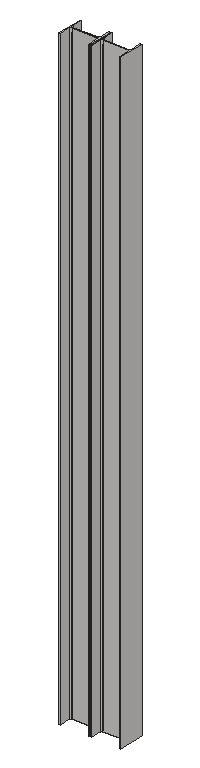
Revit family "Pilar_Met_Dup_Dir", category Structural Columns, Revit 2020
Family settings
  Section Shape = Not Defined
  Material for Model Behavior = Other
  Always export as geometry = No
  Beam cutback in plan = From bounding box
  OmniClass Number = 23.25.30.11.14.11
  OmniClass Title = Columns
  Cut with Voids When Loaded = No
  Symbolic Representation = From Family
  Shared = No
  Show family pre-cut in plan views = Yes
Parameters
  Material_Estrutura_Metalica = Aço, 45-345
  Depth = 500 mm
  Width = 500 mm
Reference planes
  plane 1 "Center (Front/Back)": y = 0
  plane 2: z = 0
  plane 3 "Center (Left/Right)": x = 0
Dimensions and locks
  aligned and locked: level to plane 2
  aligned and locked: nested 1 to level  (x3)
  aligned and locked: level to nested 1
  aligned and locked: nested 2 to level  (x3)
  aligned and locked: level to nested 2
  aligned and locked: nested 2 to nested 1
Nested families
  nested 1: "Pilares W Gerdau" at (301.5, 0, 0) x (0, -1, 0) z (0, 0, 1), Structural Material <- "Material_Estrutura_Metalica", type "W610X217"
    with pm 217, built-in parameter 1005500 Aço, 45-345, pt 868000 mm, compr 4000 mm, Comprimento 4000 mm
  nested 2: "Pilares W Gerdau" at (100.5, 0, 0) x (0, -1, 0) z (0, 0, 1), Structural Material <- "Material_Estrutura_Metalica", type "W610X217"
    with pm 217, built-in parameter 1005500 Aço, 45-345, pt 868000 mm, compr 4000 mm, Comprimento 4000 mm
Definition of nested family "Pilares W Gerdau"
  Parameters (values of type "W200X35.9")
    tipo = "200x35.9"
    tip_secao = "W"
    tag = ""
    pt [instance] = compr * pm  # 89750 mm
    pm [instance] = Peso Nominal  # 35.9
    nome = "W200x35.9"
    material = "AÇO ASTM A572 - GR50"
    compr [instance] = Comprimento  # 2500 mm
    Peso Nominal = 35.9
    Width = 165 mm
    Web Thickness = 6.22 mm
    Web Fillet = 10 mm
    Warping Constant = 0.0000868 (stored number, unit not read)
    Torsional Moment of Inertia = 14.4 cm⁴
    Structural Material [instance] = none
    Comprimento [instance] = 2500 mm
    Section Name Key = "W8x24"
    Section Area = 45.7 cm²
    Plastic Modulus weak axis = 140 cm³
    Plastic Modulus strong axis = 379 cm³
    Perimeter = 3.3793 (stored number, unit not read)
    Nominal Weight = 352.06 N/m
    Moment of Inertia weak axis = 762 cm⁴
    Moment of Inertia strong axis = 3440 cm⁴
    Height = 201 mm
    Flange Thickness = 10.2 mm
    Elastic Modulus weak axis = 92.3 cm³
    Elastic Modulus strong axis = 342 cm³
    Centroid Vertical = Height / 2  # 100.5 mm
    Centroid Horizontal = Width / 2  # 82.5 mm
    Assembly Code = ""
  Types (102, lengths in mm): name | tipo | pt | pm | nome | Peso Nominal | Width | Web Thickness | Web Fillet | Warping Constant | Torsional Moment of Inertia | Section Name Key | Section Area | Plastic Modulus weak axis | Plastic Modulus strong axis | Perimeter | Nominal Weight | Moment of Inertia weak axis | Moment of Inertia strong axis | Height | Flange Thickness | Elastic Modulus weak axis | Elastic Modulus strong axis | Centroid Vertical | Centroid Horizontal
    W200X35.9 | "200x35.9" | 89750 | 35.9 | "W200x35.9" | 35.9 | 165 | 6.22 | 10 | 0.0000868 (stored number, unit not read) | 14.4 cm⁴ | "W8x24" | 45.7 cm² | 140 cm³ | 379 cm³ | 3.3793 (stored number, unit not read) | 352.06 N/m | 762 cm⁴ | 3440 cm⁴ | 201 | 10.2 | 92.3 cm³ | 342 cm³ | 100.5 | 82.5
    W610X82 | "610x82" | 205000 | 82 | "W610x82" | 82 | 178 | 10 | 12.9 | 0.001297 (stored number, unit not read) | 49.1 cm⁴ | "W24x55" | 105.0 cm² | 218 cm³ | 2200 cm³ | 6.1352 (stored number, unit not read) | 804.14 N/m | 1210 cm⁴ | 56200 cm⁴ | 599 | 12.8 | 136 cm³ | 1870 cm³ | 299.5 | 89
    W610X92 | "610x92" | 230000 | 92 | "W610x92" | 92 | 179 | 10.9 | 12.7 | 0.0015464 (stored number, unit not read) | 71.2 cm⁴ | "W24x62" | 117.0 cm² | 257 cm³ | 2510 cm³ | 6.1352 (stored number, unit not read) | 902.21 N/m | 1440 cm⁴ | 64500 cm⁴ | 602 | 15 | 161 cm³ | 2150 cm³ | 301 | 89.5
    W610X101 | "610x101" | 252500 | 101 | "W610x101" | 101 | 228 | 10.5 | 12.8 | 0.0031552 (stored number, unit not read) | 77.8 cm⁴ | "W24x68" | 130.0 cm² | 401 cm³ | 2900 cm³ | 6.7913 (stored number, unit not read) | 990.47 N/m | 2930 cm⁴ | 76200 cm⁴ | 602 | 14.9 | 257 cm³ | 2520 cm³ | 301 | 114
    W610X113 | "610x113" | 282500 | 113 | "W610x113" | 113 | 228 | 11.2 | 12.7 | 0.0037164 (stored number, unit not read) | 112 cm⁴ | "W24x76" | 145.0 cm² | 469 cm³ | 3280 cm³ | 6.8241 (stored number, unit not read) | 1108.1 N/m | 3430 cm⁴ | 87400 cm⁴ | 607 | 17.3 | 302 cm³ | 2880 cm³ | 303.5 | 114
    W610X125 | "610x125" | 312500 | 125 | "W610x125" | 125 | 229 | 11.9 | 12.7 | 0.0042901 (stored number, unit not read) | 154 cm⁴ | "W24x84" | 159.0 cm² | 534 cm³ | 3670 cm³ | 6.8898 (stored number, unit not read) | 1225.8 N/m | 3930 cm⁴ | 98600 cm⁴ | 612 | 19.6 | 342 cm³ | 3210 cm³ | 306 | 114.5
    W610X140 | "610x140" | 350000 | 140 | "W610x140" | 140 | 230 | 13.1 | 12.9 | 0.0050259 (stored number, unit not read) | 219 cm⁴ | "W24x94" | 179.0 cm² | 615 cm³ | 4160 cm³ | 6.9226 (stored number, unit not read) | 1372.9 N/m | 4540 cm⁴ | 112000 cm⁴ | 617 | 22.2 | 393 cm³ | 3640 cm³ | 308.5 | 115
    W610X153 | "610x153" | 382500 | 153 | "W610x153" | 153 | 229 | 14 | 12.7 | 0.0055622 (stored number, unit not read) | 294 cm⁴ | "W24x103" | 195.0 cm² | 680 cm³ | 4590 cm³ | 6.9226 (stored number, unit not read) | 1500.4 N/m | 4950 cm⁴ | 125000 cm⁴ | 622 | 24.9 | 434 cm³ | 4010 cm³ | 311 | 114.5
    W610X155 | "610x155" | 387500 | 155 | "W610x155" | 155 | 325 | 12.7 | 12.7 | 0.011785 (stored number, unit not read) | 196 cm⁴ | "W24x104" | 198.0 cm² | 1020 cm³ | 4740 cm³ | 8.1365 (stored number, unit not read) | 1520 N/m | 10800 cm⁴ | 129000 cm⁴ | 612 | 19.1 | 667 cm³ | 4230 cm³ | 306 | 162.5
    W610X174 | "610x174" | 435000 | 174 | "W610x174" | 174 | 325 | 14 | 12.7 | 0.013718 (stored number, unit not read) | 280 cm⁴ | "W24x117" | 222.0 cm² | 1170 cm³ | 5360 cm³ | 8.1365 (stored number, unit not read) | 1706.4 N/m | 12400 cm⁴ | 147000 cm⁴ | 617 | 21.6 | 762 cm³ | 4770 cm³ | 308.5 | 162.5
    W610X195 | "610x195" | 487500 | 195 | "W610x195" | 195 | 328 | 15.4 | 12.7 | 0.015714 (stored number, unit not read) | 395 cm⁴ | "W24x131" | 249.0 cm² | 1340 cm³ | 6060 cm³ | 8.2021 (stored number, unit not read) | 1912.3 N/m | 14200 cm⁴ | 167000 cm⁴ | 622 | 24.4 | 869 cm³ | 5390 cm³ | 311 | 164
    W610X217 | "610x217" | 542500 | 217 | "W610x217" | 217 | 328 | 16.5 | 12.7 | 0.018333 (stored number, unit not read) | 558 cm⁴ | "W24x146" | 277.0 cm² | 1530 cm³ | 6850 cm³ | 8.2349 (stored number, unit not read) | 2128 N/m | 16300 cm⁴ | 191000 cm⁴ | 627 | 27.7 | 991 cm³ | 6080 cm³ | 313.5 | 164
    W530X66 | "530x66" | 165000 | 66 | "W530x66" | 66 | 165 | 8.89 | 12.7 | 0.00070712 (stored number, unit not read) | 32 cm⁴ | "W21x44" | 83.9 cm² | 167 cm³ | 1560 cm³ | 5.479 (stored number, unit not read) | 647.24 N/m | 862 cm⁴ | 35100 cm⁴ | 526 | 11.4 | 104 cm³ | 1340 cm³ | 263 | 82.5
    W530X72 | "530x72" | 180000 | 72 | "W530x72" | 72 | 207 | 8.89 | 12.7 | 0.001322 (stored number, unit not read) | 33.4 cm⁴ | "W21x48" | 91.0 cm² | 244 cm³ | 1750 cm³ | 6.0039 (stored number, unit not read) | 706.08 N/m | 1610 cm⁴ | 39900 cm⁴ | 523 | 10.9 | 156 cm³ | 1520 cm³ | 261.5 | 103.5
    W530X74 | "530x74" | 185000 | 74 | "W530x74" | 74 | 166 | 9.65 | 12.8 | 0.00086052 (stored number, unit not read) | 47.5 cm⁴ | "W21x50" | 94.8 cm² | 200 cm³ | 1800 cm³ | 5.5118 (stored number, unit not read) | 725.69 N/m | 1040 cm⁴ | 41000 cm⁴ | 528 | 13.6 | 125 cm³ | 1550 cm³ | 264 | 83
    W530X82 | "530x82" | 205000 | 82 | "W530x82" | 82 | 209 | 9.53 | 12.6 | 0.0016711 (stored number, unit not read) | 51.6 cm⁴ | "W21x55" | 105.0 cm² | 302 cm³ | 2060 cm³ | 6.0696 (stored number, unit not read) | 804.14 N/m | 2010 cm⁴ | 47500 cm⁴ | 528 | 13.3 | 193 cm³ | 1800 cm³ | 264 | 104.5
    W530X85 | "530x85" | 212500 | 85 | "W530x85" | 85 | 167 | 10.3 | 12.7 | 0.0010688 (stored number, unit not read) | 73.7 cm⁴ | "W21x57" | 108.0 cm² | 243 cm³ | 2110 cm³ | 5.5774 (stored number, unit not read) | 833.56 N/m | 1270 cm⁴ | 48700 cm⁴ | 536 | 16.5 | 153 cm³ | 1820 cm³ | 268 | 83.5
    W530X92 | "530x92" | 230000 | 92 | "W530x92" | 92 | 209 | 10.2 | 12.8 | 0.0019954 (stored number, unit not read) | 76.2 cm⁴ | "W21x62" | 118.0 cm² | 356 cm³ | 2360 cm³ | 6.1024 (stored number, unit not read) | 902.21 N/m | 2390 cm⁴ | 55400 cm⁴ | 533 | 15.6 | 229 cm³ | 2080 cm³ | 266.5 | 104.5
    W530X101 | "530x101" | 252500 | 101 | "W530x101" | 101 | 210 | 10.9 | 12.8 | 0.0022698 (stored number, unit not read) | 102 cm⁴ | "W21x68" | 129.0 cm² | 400 cm³ | 2620 cm³ | 6.1352 (stored number, unit not read) | 990.47 N/m | 2690 cm⁴ | 61600 cm⁴ | 536 | 17.4 | 257 cm³ | 2290 cm³ | 268 | 105
    W530X109 | "530x109" | 272500 | 109 | "W530x109" | 109 | 211 | 11.6 | 12.7 | 0.0024818 (stored number, unit not read) | 126 cm⁴ | "W21x73" | 139.0 cm² | 436 cm³ | 2820 cm³ | 6.1352 (stored number, unit not read) | 1068.9 N/m | 2940 cm⁴ | 66600 cm⁴ | 538 | 18.8 | 279 cm³ | 2470 cm³ | 269 | 105.5
    W530X123 | "530x123" | 307500 | 123 | "W530x123" | 123 | 212 | 13.1 | 12.8 | 0.0028933 (stored number, unit not read) | 181 cm⁴ | "W21x83" | 157.0 cm² | 500 cm³ | 3210 cm³ | 6.2008 (stored number, unit not read) | 1206.2 N/m | 3390 cm⁴ | 76200 cm⁴ | 544 | 21.2 | 320 cm³ | 2800 cm³ | 272 | 106
    W530X138 | "530x138" | 345000 | 138 | "W530x138" | 138 | 214 | 14.7 | 12.7 | 0.0033298 (stored number, unit not read) | 251 cm⁴ | "W21x93" | 176.0 cm² | 569 cm³ | 3620 cm³ | 6.2336 (stored number, unit not read) | 1353.3 N/m | 3870 cm⁴ | 86200 cm⁴ | 549 | 23.6 | 362 cm³ | 3150 cm³ | 274.5 | 107
    W460X52 | "460x52" | 130000 | 52 | "W460x52" | 52 | 152 | 7.62 | 10.2 | 0.00038162 (stored number, unit not read) | 21.1 cm⁴ | "W18x35" | 66.5 cm² | 132 cm³ | 1090 cm³ | 4.8556 (stored number, unit not read) | 509.94 N/m | 637 cm⁴ | 21200 cm⁴ | 450 | 10.8 | 83.9 cm³ | 944 cm³ | 225 | 76
    W460X60 | "460x60" | 150000 | 60 | "W460x60" | 60 | 153 | 8 | 10.2 | 0.00048264 (stored number, unit not read) | 33.7 cm⁴ | "W18x40" | 76.1 cm² | 164 cm³ | 1280 cm³ | 4.8885 (stored number, unit not read) | 588.4 N/m | 795 cm⁴ | 25500 cm⁴ | 455 | 13.3 | 104 cm³ | 1120 cm³ | 227.5 | 76.5
    W460X68 | "460x68" | 170000 | 68 | "W460x68" | 68 | 154 | 9.14 | 10.3 | 0.00057617 (stored number, unit not read) | 50.8 cm⁴ | "W18x46" | 87.1 cm² | 192 cm³ | 1490 cm³ | 4.9213 (stored number, unit not read) | 666.85 N/m | 937 cm⁴ | 29600 cm⁴ | 460 | 15.4 | 122 cm³ | 1290 cm³ | 230 | 77
    W460X74 | "460x74" | 185000 | 74 | "W460x74" | 74 | 191 | 9.02 | 10.2 | 0.0010177 (stored number, unit not read) | 51.6 cm⁴ | "W18x50" | 94.8 cm² | 272 cm³ | 1660 cm³ | 5.3806 (stored number, unit not read) | 725.69 N/m | 1670 cm⁴ | 33300 cm⁴ | 457 | 14.5 | 175 cm³ | 1460 cm³ | 228.5 | 95.5
    W460X82 | "460x82" | 205000 | 82 | "W460x82" | 82 | 191 | 9.91 | 10.2 | 0.0011486 (stored number, unit not read) | 69.1 cm⁴ | "W18x55" | 105.0 cm² | 303 cm³ | 1840 cm³ | 5.4134 (stored number, unit not read) | 804.14 N/m | 1870 cm⁴ | 37000 cm⁴ | 460 | 16 | 195 cm³ | 1610 cm³ | 230 | 95.5
    W460X89 | "460x89" | 222500 | 89 | "W460x89" | 89 | 192 | 10.5 | 10.2 | 0.0012845 (stored number, unit not read) | 90.3 cm⁴ | "W18x60" | 114.0 cm² | 338 cm³ | 2020 cm³ | 5.4134 (stored number, unit not read) | 872.79 N/m | 2090 cm⁴ | 41000 cm⁴ | 462 | 17.7 | 218 cm³ | 1770 cm³ | 231 | 96
    W460X97 | "460x97" | 242500 | 97 | "W460x97" | 97 | 193 | 11.4 | 10.1 | 0.0014217 (stored number, unit not read) | 114 cm⁴ | "W18x65" | 123.0 cm² | 369 cm³ | 2180 cm³ | 5.479 (stored number, unit not read) | 951.24 N/m | 2280 cm⁴ | 44500 cm⁴ | 467 | 19.1 | 236 cm³ | 1920 cm³ | 233.5 | 96.5
    W460X106 | "460x106" | 265000 | 106 | "W460x106" | 106 | 194 | 12.6 | 10.1 | 0.0015714 (stored number, unit not read) | 145 cm⁴ | "W18x71" | 135.0 cm² | 405 cm³ | 2390 cm³ | 5.479 (stored number, unit not read) | 1039.5 N/m | 2510 cm⁴ | 48700 cm⁴ | 470 | 20.6 | 259 cm³ | 2080 cm³ | 235 | 97
    W410X38.8 | "410x38.8" | 97000 | 38.8 | "W410x38.8" | 38.8 | 140 | 6.35 | 10.24 | 0.00018956 (stored number, unit not read) | 10.9 cm⁴ | "W16x26" | 49.5 cm² | 89.8 cm³ | 724 cm³ | 4.3635 (stored number, unit not read) | 380.5 N/m | 399 cm⁴ | 12500 cm⁴ | 399 | 8.76 | 57.2 cm³ | 629 cm³ | 199.5 | 70
    W410X46.1 | "410x46.1" | 115250 | 46.1 | "W410x46.1" | 46.1 | 140 | 6.99 | 10.2 | 0.00024693 (stored number, unit not read) | 19.2 cm⁴ | "W16x31" | 58.9 cm² | 115 cm³ | 885 cm³ | 4.3963 (stored number, unit not read) | 452.08 N/m | 516 cm⁴ | 15600 cm⁴ | 404 | 11.2 | 73.6 cm³ | 773 cm³ | 202 | 70
    W410X53 | "410x53" | 132500 | 53 | "W410x53" | 53 | 178 | 7.49 | 10.2 | 0.00048887 (stored number, unit not read) | 22.7 cm⁴ | "W16x36" | 68.4 cm² | 177 cm³ | 1050 cm³ | 4.8885 (stored number, unit not read) | 519.75 N/m | 1020 cm⁴ | 18600 cm⁴ | 404 | 10.9 | 115 cm³ | 926 cm³ | 202 | 89
    W410X60 | "410x60" | 150000 | 60 | "W410x60" | 60 | 178 | 7.75 | 10.2 | 0.00057991 (stored number, unit not read) | 33 cm⁴ | "W16x40" | 76.1 cm² | 208 cm³ | 1200 cm³ | 4.8885 (stored number, unit not read) | 588.4 N/m | 1200 cm⁴ | 21600 cm⁴ | 406 | 12.8 | 135 cm³ | 1060 cm³ | 203 | 89
    W410X67 | "410x67" | 167500 | 67 | "W410x67" | 67 | 179 | 8.76 | 10.2 | 0.00066597 (stored number, unit not read) | 46.2 cm⁴ | "W16x45" | 85.8 cm² | 238 cm³ | 1350 cm³ | 4.9213 (stored number, unit not read) | 657.04 N/m | 1370 cm⁴ | 24400 cm⁴ | 409 | 14.4 | 153 cm³ | 1190 cm³ | 204.5 | 89.5
    W410X75 | "410x75" | 187500 | 75 | "W410x75" | 75 | 180 | 9.65 | 10.2 | 0.00076075 (stored number, unit not read) | 63.3 cm⁴ | "W16x50" | 94.8 cm² | 267 cm³ | 1510 cm³ | 4.9541 (stored number, unit not read) | 735.5 N/m | 1550 cm⁴ | 27400 cm⁴ | 414 | 16 | 172 cm³ | 1330 cm³ | 207 | 90
    W410X85 | "410x85" | 212500 | 85 | "W410x85" | 85 | 181 | 10.9 | 10.2 | 0.00089045 (stored number, unit not read) | 92.4 cm⁴ | "W16x57" | 108.0 cm² | 310 cm³ | 1720 cm³ | 4.9869 (stored number, unit not read) | 833.56 N/m | 1790 cm⁴ | 31600 cm⁴ | 417 | 18.2 | 198 cm³ | 1510 cm³ | 208.5 | 90.5
    W360X32.9 | "360x32.9" | 82250 | 32.9 | "W360x32.9" | 32.9 | 127 | 5.84 | 10.19 | 0.00010513 (stored number, unit not read) | 8.66 cm⁴ | "W14x22" | 41.9 cm² | 71.9 cm³ | 544 cm³ | 3.8714 (stored number, unit not read) | 322.64 N/m | 291 cm⁴ | 8280 cm⁴ | 348 | 8.51 | 45.9 cm³ | 475 cm³ | 174 | 63.5
    W360X39 | "360x39" | 97500 | 39 | "W360x39" | 39 | 128 | 6.48 | 10.1 | 0.00013594 (stored number, unit not read) | 14.9 cm⁴ | "W14x26" | 49.6 cm² | 90.8 cm³ | 659 cm³ | 3.9042 (stored number, unit not read) | 382.46 N/m | 371 cm⁴ | 10200 cm⁴ | 353 | 10.7 | 58.2 cm³ | 578 cm³ | 176.5 | 64
    W360X44 | "360x44" | 110000 | 44 | "W360x44" | 44 | 171 | 6.86 | 10.12 | 0.00026439 (stored number, unit not read) | 24.3 cm⁴ | "W14x30" | 57.1 cm² | 147 cm³ | 775 cm³ | 4.4291 (stored number, unit not read) | 431.49 N/m | 1520 cm⁴ | 7120 cm⁴ | 351 | 11 | 151 cm³ | 574 cm³ | 175.5 | 85.5
    W360X51 | "360x51" | 127500 | 51 | "W360x51" | 51 | 171 | 7.24 | 10.1 | 0.00035793 (stored number, unit not read) | 23.7 cm⁴ | "W14x34" | 64.5 cm² | 174 cm³ | 895 cm³ | 4.4619 (stored number, unit not read) | 500.14 N/m | 970 cm⁴ | 14200 cm⁴ | 356 | 11.6 | 113 cm³ | 796 cm³ | 178 | 85.5
    W360X57.8 | "360x57.8" | 144500 | 57.8 | "W360x57.8" | 57.8 | 172 | 7.87 | 10.1 | 0.00041155 (stored number, unit not read) | 33.2 cm⁴ | "W14x38" | 72.3 cm² | 198 cm³ | 1010 cm³ | 4.4948 (stored number, unit not read) | 566.82 N/m | 1110 cm⁴ | 16000 cm⁴ | 358 | 13.1 | 129 cm³ | 895 cm³ | 179 | 86
    W360X64 | "360x64" | 160000 | 64 | "W360x64" | 64 | 203 | 7.75 | 14.9 | 0.00065349 (stored number, unit not read) | 43.7 cm⁴ | "W14x43" | 81.3 cm² | 283 cm³ | 1140 cm³ | 4.8228 (stored number, unit not read) | 627.62 N/m | 1880 cm⁴ | 17800 cm⁴ | 348 | 13.5 | 185 cm³ | 1030 cm³ | 174 | 101.5
    W360X72 | "360x72" | 180000 | 72 | "W360x72" | 72 | 204 | 8.64 | 15.1 | 0.00075077 (stored number, unit not read) | 60.4 cm⁴ | "W14x48" | 91.0 cm² | 321 cm³ | 1280 cm³ | 4.8228 (stored number, unit not read) | 706.08 N/m | 2140 cm⁴ | 20100 cm⁴ | 351 | 15.1 | 210 cm³ | 1150 cm³ | 175.5 | 102
    W360X79 | "360x79" | 197500 | 79 | "W360x79" | 79 | 205 | 9.4 | 15 | 0.00085054 (stored number, unit not read) | 80.7 cm⁴ | "W14x53" | 101.0 cm² | 361 cm³ | 1430 cm³ | 4.8556 (stored number, unit not read) | 774.72 N/m | 2400 cm⁴ | 22500 cm⁴ | 353 | 16.8 | 234 cm³ | 1270 cm³ | 176.5 | 102.5
    W360X91 | "360x91" | 227500 | 91 | "W360x91" | 91 | 254 | 9.53 | 15.1 | 0.0015714 (stored number, unit not read) | 91.2 cm⁴ | "W14x61" | 115.0 cm² | 537 cm³ | 1670 cm³ | 5.5118 (stored number, unit not read) | 892.4 N/m | 4450 cm⁴ | 26600 cm⁴ | 353 | 16.4 | 352 cm³ | 1510 cm³ | 176.5 | 127
    W360X101 | "360x101" | 252500 | 101 | "W360x101" | 101 | 254 | 10.5 | 15 | 0.0017959 (stored number, unit not read) | 125 cm⁴ | "W14x68" | 129.0 cm² | 605 cm³ | 1880 cm³ | 5.5118 (stored number, unit not read) | 990.47 N/m | 5040 cm⁴ | 30100 cm⁴ | 356 | 18.3 | 397 cm³ | 1690 cm³ | 178 | 127
    W360X110 | "360x110" | 275000 | 110 | "W360x110" | 110 | 257 | 11.4 | 15.2 | 0.0020079 (stored number, unit not read) | 161 cm⁴ | "W14x74" | 141.0 cm² | 664 cm³ | 2060 cm³ | 5.5774 (stored number, unit not read) | 1078.7 N/m | 5580 cm⁴ | 33100 cm⁴ | 361 | 19.9 | 436 cm³ | 1840 cm³ | 180.5 | 128.5
    W360X122 | "360x122" | 305000 | 122 | "W360x122" | 122 | 257 | 13 | 15.1 | 0.0022448 (stored number, unit not read) | 211 cm⁴ | "W14x82" | 155.0 cm² | 734 cm³ | 2280 cm³ | 5.5774 (stored number, unit not read) | 1196.4 N/m | 6160 cm⁴ | 36700 cm⁴ | 363 | 21.7 | 480 cm³ | 2020 cm³ | 181.5 | 128.5
    W310X21 | "310x21" | 52500 | 21 | "W310x21" | 21 | 101 | 5.08 | 7.58 | 0.000026938 (stored number, unit not read) | 2.93 cm⁴ | "W12x14" | 26.8 cm² | 31.1 cm³ | 285 cm³ | 3.2349 (stored number, unit not read) | 205.94 N/m | 98.2 cm⁴ | 3690 cm⁴ | 302 | 5.72 | 19.5 cm³ | 244 cm³ | 151 | 50.5
    W310X23.8 | "310x23.8" | 59500 | 23.8 | "W310x23.8" | 23.8 | 101 | 5.59 | 7.67 | 0.000032425 (stored number, unit not read) | 4.29 cm⁴ | "W12x16" | 30.4 cm² | 37 cm³ | 329 cm³ | 3.2513 (stored number, unit not read) | 233.4 N/m | 117 cm⁴ | 4290 cm⁴ | 305 | 6.73 | 23.1 cm³ | 280 cm³ | 152.5 | 50.5
    W310X28.3 | "310x28.3" | 70750 | 28.3 | "W310x28.3" | 28.3 | 102 | 5.97 | 7.61 | 0.000043899 (stored number, unit not read) | 7.49 cm⁴ | "W12x19" | 35.9 cm² | 48.8 cm³ | 405 cm³ | 3.2808 (stored number, unit not read) | 277.53 N/m | 157 cm⁴ | 5410 cm⁴ | 310 | 8.89 | 30.8 cm³ | 349 cm³ | 155 | 51
    W310X32.7 | "W310x32.7" | 81750 | 32.7 | "W310x32.7" | 32.7 | 102 | 6.6 | 7.6 | 0.000054874 (stored number, unit not read) | 12.2 cm⁴ | "W12x22" | 41.8 cm² | 60 cm³ | 480 cm³ | 3.3136 (stored number, unit not read) | 320.68 N/m | 194 cm⁴ | 6490 cm⁴ | 312 | 10.8 | 37.9 cm³ | 416 cm³ | 156 | 51
    W310X38.7 | "310x38.7" | 96750 | 38.7 | "W310x38.7" | 38.7 | 165 | 5.84 | 7.65 | 0.00020328 (stored number, unit not read) | 12.5 cm⁴ | "W12x26" | 49.4 cm² | 134 cm³ | 610 cm³ | 4.101 (stored number, unit not read) | 379.52 N/m | 720 cm⁴ | 8490 cm⁴ | 310 | 9.65 | 87.5 cm³ | 547 cm³ | 155 | 82.5
    W310X44.5 | "310x44.5" | 111250 | 44.5 | "W310x44.5" | 44.5 | 166 | 6.6 | 7.6 | 0.0002407 (stored number, unit not read) | 19 cm⁴ | "W12x30" | 56.7 cm² | 157 cm³ | 706 cm³ | 4.1339 (stored number, unit not read) | 436.39 N/m | 845 cm⁴ | 9910 cm⁴ | 312 | 11.2 | 102 cm³ | 633 cm³ | 156 | 83
    W310X52 | "310x52" | 130000 | 52 | "W310x52" | 52 | 167 | 7.62 | 7.6 | 0.00029432 (stored number, unit not read) | 30.8 cm⁴ | "W12x35" | 66.5 cm² | 188 cm³ | 839 cm³ | 4.1667 (stored number, unit not read) | 509.94 N/m | 1020 cm⁴ | 11900 cm⁴ | 318 | 13.2 | 122 cm³ | 747 cm³ | 159 | 83.5
    W310X60* | "310x60*" | 150000 | 60 | "W310x60*" | 60 | 203 | 7.5 | 6.35 | 0.000000479 (stored number, unit not read) | 40.46 cm⁴ | "W12x40" | 0.761 cm² | 275.4 cm³ | 944.3 cm³ | 4.5276 (stored number, unit not read) | 588.4 N/m | 1829 cm⁴ | 12908 cm⁴ | 303 | 13.1 | 180.2 cm³ | 852 cm³ | 151.5 | 101.5
    W310X67* | "310x67*" | 167500 | 67 | "W310x67*" | 67 | 204 | 8.5 | 6.35 | 0.000000547 (stored number, unit not read) | 55.35 cm⁴ | "W12x45" | 0.853 cm² | 310.5 cm³ | 1060.4 cm³ | 4.5276 (stored number, unit not read) | 657.04 N/m | 2069 cm⁴ | 14559 cm⁴ | 306 | 14.6 | 202.8 cm³ | 951.5 cm³ | 153 | 102
    W310X74* | "310x74" | 185000 | 74 | "W310x74*" | 74 | 205 | 9.4 | 6.35 | 0.000000629 (stored number, unit not read) | 75.51 cm⁴ | "W12x50" | 0.951 cm² | 350.5 cm³ | 1192 cm³ | 4.5604 (stored number, unit not read) | 725.69 N/m | 2344 cm⁴ | 16501 cm⁴ | 310 | 16.3 | 228.7 cm³ | 1064.6 cm³ | 155 | 102.5
    W310X79 | "310x79" | 197500 | 79 | "W310x79" | 79 | 254 | 8.76 | 15.4 | 0.0010588 (stored number, unit not read) | 65.8 cm⁴ | "W12x53" | 101.0 cm² | 477 cm³ | 1280 cm³ | 5.2165 (stored number, unit not read) | 774.72 N/m | 3990 cm⁴ | 17700 cm⁴ | 307 | 14.6 | 315 cm³ | 1160 cm³ | 153.5 | 127
    W310X97 | "310x97" | 242500 | 97 | "W310x97" | 97 | 305 | 9.91 | 15.1 | 0.001933 (stored number, unit not read) | 90.7 cm⁴ | "W12x65" | 123.0 cm² | 723 cm³ | 1590 cm³ | 5.8727 (stored number, unit not read) | 951.24 N/m | 7240 cm⁴ | 22200 cm⁴ | 307 | 15.4 | 477 cm³ | 1440 cm³ | 153.5 | 152.5
    W310X107 | "310x107" | 267500 | 107 | "W310x107" | 107 | 305 | 10.9 | 15.3 | 0.0021949 (stored number, unit not read) | 122 cm⁴ | "W12x72" | 136.0 cm² | 806 cm³ | 1770 cm³ | 5.9055 (stored number, unit not read) | 1049.3 N/m | 8120 cm⁴ | 24800 cm⁴ | 312 | 17 | 531 cm³ | 1600 cm³ | 156 | 152.5
    W310X117 | "310x117" | 292500 | 117 | "W310x117" | 117 | 307 | 11.9 | 15.1 | 0.0024568 (stored number, unit not read) | 160 cm⁴ | "W12x79" | 150.0 cm² | 890 cm³ | 1950 cm³ | 5.9383 (stored number, unit not read) | 1147.4 N/m | 8990 cm⁴ | 27600 cm⁴ | 315 | 18.7 | 587 cm³ | 1750 cm³ | 157.5 | 153.5
    W310X129 | "310x129" | 322500 | 129 | "W310x129" | 129 | 307 | 13.1 | 15.2 | 0.0027686 (stored number, unit not read) | 212 cm⁴ | "W12x87" | 165.0 cm² | 990 cm³ | 2160 cm³ | 5.9383 (stored number, unit not read) | 1265.1 N/m | 10000 cm⁴ | 30800 cm⁴ | 318 | 20.6 | 651 cm³ | 1930 cm³ | 159 | 153.5
    W310X143 | "310x143" | 357500 | 143 | "W310x143" | 143 | 310 | 14 | 15.2 | 0.0031552 (stored number, unit not read) | 285 cm⁴ | "W12x96" | 182.0 cm² | 1110 cm³ | 2410 cm³ | 6.0039 (stored number, unit not read) | 1402.3 N/m | 11200 cm⁴ | 34700 cm⁴ | 323 | 22.9 | 728 cm³ | 2150 cm³ | 161.5 | 155
    W310X158 | "310x158" | 395000 | 158 | "W310x158" | 158 | 310 | 15.5 | 15.3 | 0.0035793 (stored number, unit not read) | 380 cm⁴ | "W12x106" | 201.0 cm² | 1230 cm³ | 2690 cm³ | 6.0367 (stored number, unit not read) | 1549.4 N/m | 12500 cm⁴ | 38800 cm⁴ | 328 | 25.1 | 808 cm³ | 2380 cm³ | 164 | 155
    W310X179 | "310x179" | 447500 | 179 | "W310x179" | 179 | 312 | 18 | 15 | 0.0041529 (stored number, unit not read) | 537 cm⁴ | "W12x120" | 227.0 cm² | 1400 cm³ | 3050 cm³ | 6.0696 (stored number, unit not read) | 1755.4 N/m | 14400 cm⁴ | 44500 cm⁴ | 333 | 28.2 | 918 cm³ | 2670 cm³ | 166.5 | 156
    W310X202 | "310x202" | 505000 | 202 | "W310x202" | 202 | 315 | 20.1 | 15.2 | 0.0049261 (stored number, unit not read) | 770 cm⁴ | "W12x136" | 257.0 cm² | 1610 cm³ | 3510 cm³ | 6.1352 (stored number, unit not read) | 1980.9 N/m | 16600 cm⁴ | 51600 cm⁴ | 340 | 31.8 | 1050 cm³ | 3050 cm³ | 170 | 157.5
    W250X17.9 | "250x17.9" | 44750 | 17.9 | "W250x17.9" | 17.9 | 101 | 4.83 | 7.67 | 0.000017086 (stored number, unit not read) | 2.28 cm⁴ | "W10x12" | 22.8 cm² | 28.5 cm³ | 206 cm³ | 2.8904 (stored number, unit not read) | 175.54 N/m | 90.7 cm⁴ | 2240 cm⁴ | 251 | 5.33 | 18 cm³ | 179 cm³ | 125.5 | 50.5
    W250X22.3 | "250x22.3" | 55750 | 22.3 | "W250x22.3" | 22.3 | 102 | 5.84 | 7.64 | 0.000022822 (stored number, unit not read) | 4.33 cm⁴ | "W10x15" | 28.5 cm² | 37.7 cm³ | 262 cm³ | 2.9167 (stored number, unit not read) | 218.69 N/m | 120 cm⁴ | 2870 cm⁴ | 254 | 6.86 | 23.8 cm³ | 226 cm³ | 127 | 51
    W250X25.3 | "250x25.3" | 130750 | 52.3 | "W250x25.3" | 52.3 | 102 | 6.1 | 7.62 | 0.000028559 (stored number, unit not read) | 6.49 cm⁴ | "W10x17" | 32.2 cm² | 45.9 cm³ | 306 cm³ | 2.9331 (stored number, unit not read) | 248.11 N/m | 148 cm⁴ | 3410 cm⁴ | 257 | 8.38 | 29.2 cm³ | 265 cm³ | 128.5 | 51
    W250X28.4 | "250x28.4" | 71000 | 28.4 | "W250x28.4" | 28.4 | 102 | 6.35 | 7.7 | 0.000034795 (stored number, unit not read) | 9.7 cm⁴ | "W10x19" | 36.3 cm² | 54.9 cm³ | 354 cm³ | 2.9593 (stored number, unit not read) | 278.51 N/m | 179 cm⁴ | 4010 cm⁴ | 259 | 10 | 35.1 cm³ | 308 cm³ | 129.5 | 51
    W250X32.7 | "250x32.7" | 81750 | 32.7 | "W250x32.7" | 32.7 | 146 | 6.1 | 7.66 | 0.000092038 (stored number, unit not read) | 9.95 cm⁴ | "W10x22" | 41.9 cm² | 100 cm³ | 426 cm³ | 3.5433 (stored number, unit not read) | 320.68 N/m | 475 cm⁴ | 4910 cm⁴ | 259 | 9.14 | 65.1 cm³ | 380 cm³ | 129.5 | 73
    W250X38.5 | "250x38.5" | 96250 | 38.5 | "W250x38.5" | 38.5 | 147 | 6.6 | 7.6 | 0.00011548 (stored number, unit not read) | 16.7 cm⁴ | "W10x26" | 49.1 cm² | 123 cm³ | 513 cm³ | 3.5433 (stored number, unit not read) | 377.55 N/m | 587 cm⁴ | 5990 cm⁴ | 262 | 11.2 | 80.1 cm³ | 457 cm³ | 131 | 73.5
    W250X44.8 | "250x44.8" | 112000 | 44.8 | "W250x44.8" | 44.8 | 148 | 7.62 | 7.6 | 0.00013843 (stored number, unit not read) | 25.9 cm⁴ | "W10x30" | 57.0 cm² | 145 cm³ | 600 cm³ | 3.5761 (stored number, unit not read) | 439.34 N/m | 695 cm⁴ | 7080 cm⁴ | 267 | 13 | 94.2 cm³ | 531 cm³ | 133.5 | 74
    W250X73 | "250x73" | 182500 | 73 | "W250x73" | 73 | 254 | 8.64 | 12.7 | 0.0006934 (stored number, unit not read) | 57.9 cm⁴ | "W10x49" | 92.9 cm² | 464 cm³ | 990 cm³ | 4.8885 (stored number, unit not read) | 715.88 N/m | 3890 cm⁴ | 11300 cm⁴ | 254 | 14.2 | 306 cm³ | 895 cm³ | 127 | 127
    W250X80 | "250x80" | 200000 | 80 | "W250x80" | 80 | 254 | 9.4 | 12.8 | 0.00077696 (stored number, unit not read) | 75.8 cm⁴ | "W10x54" | 102.0 cm² | 513 cm³ | 1090 cm³ | 4.8885 (stored number, unit not read) | 784.53 N/m | 4290 cm⁴ | 12600 cm⁴ | 257 | 15.6 | 338 cm³ | 983 cm³ | 128.5 | 127
    W250X89 | "250x89" | 222500 | 89 | "W250x89" | 89 | 257 | 10.7 | 12.7 | 0.00088421 (stored number, unit not read) | 103 cm⁴ | "W10x60" | 114.0 cm² | 574 cm³ | 1220 cm³ | 4.9213 (stored number, unit not read) | 872.79 N/m | 4830 cm⁴ | 14200 cm⁴ | 259 | 17.3 | 377 cm³ | 1090 cm³ | 129.5 | 128.5
    W250X101 | "250x101" | 252500 | 101 | "W250x101" | 101 | 257 | 11.9 | 12.7 | 0.0010376 (stored number, unit not read) | 148 cm⁴ | "W10x68" | 128.0 cm² | 657 cm³ | 1400 cm³ | 4.9541 (stored number, unit not read) | 990.47 N/m | 5580 cm⁴ | 16400 cm⁴ | 264 | 19.6 | 433 cm³ | 1240 cm³ | 132 | 128.5
    W250X115 | "250x115" | 287500 | 115 | "W250x115" | 115 | 259 | 13.5 | 12.7 | 0.0012159 (stored number, unit not read) | 213 cm⁴ | "W10x77" | 146.0 cm² | 752 cm³ | 1600 cm³ | 5.0197 (stored number, unit not read) | 1127.8 N/m | 6410 cm⁴ | 18900 cm⁴ | 269 | 22.1 | 493 cm³ | 1410 cm³ | 134.5 | 129.5
    W250X131 | "250x131" | 327500 | 131 | "W250x131" | 131 | 262 | 15.4 | 12.7 | 0.0014467 (stored number, unit not read) | 313 cm⁴ | "W10x88" | 168.0 cm² | 870 cm³ | 1850 cm³ | 5.0525 (stored number, unit not read) | 1284.7 N/m | 7450 cm⁴ | 22200 cm⁴ | 274 | 25.1 | 570 cm³ | 1610 cm³ | 137 | 131
    W250X149 | "250x149" | 372500 | 149 | "W250x149" | 149 | 262 | 17.3 | 12.7 | 0.001721 (stored number, unit not read) | 454 cm⁴ | "W10x100" | 189.0 cm² | 1000 cm³ | 2130 cm³ | 5.0853 (stored number, unit not read) | 1461.2 N/m | 8620 cm⁴ | 25900 cm⁴ | 282 | 28.4 | 655 cm³ | 1840 cm³ | 141 | 131
    W250X167 | "250x167" | 417500 | 167 | "W250x167" | 167 | 264 | 19.2 | 12.7 | 0.0020203 (stored number, unit not read) | 629 cm⁴ | "W10x112" | 212.0 cm² | 1130 cm³ | 2410 cm³ | 5.1509 (stored number, unit not read) | 1637.7 N/m | 9820 cm⁴ | 29800 cm⁴ | 290 | 31.8 | 742 cm³ | 2060 cm³ | 145 | 132
    W200X15 | "200x15" | 37500 | 15 | "W200x15" | 15 | 100 | 4.32 | 7.59 | 0.000010351 (stored number, unit not read) | 1.77 cm⁴ | "W8x10" | 19.1 cm² | 27.2 cm³ | 145 cm³ | 2.5591 (stored number, unit not read) | 147.1 N/m | 87 cm⁴ | 1280 cm⁴ | 200 | 5.21 | 17.4 cm³ | 128 cm³ | 100 | 50
    W200X19.3 | "200x19.3" | 48250 | 19.3 | "W200x19.3" | 19.3 | 102 | 5.84 | 7.62 | 0.000013718 (stored number, unit not read) | 3.63 cm⁴ | "W8x13" | 24.8 cm² | 35.2 cm³ | 187 cm³ | 2.582 (stored number, unit not read) | 189.27 N/m | 114 cm⁴ | 1650 cm⁴ | 203 | 6.48 | 22.5 cm³ | 162 cm³ | 101.5 | 51
    W200X22.5 | "200x22.5" | 56250 | 22.5 | "W200x22.5" | 22.5 | 102 | 6.22 | 7.6 | 0.000017335 (stored number, unit not read) | 5.7 cm⁴ | "W8x15" | 28.6 cm² | 43.8 cm³ | 223 cm³ | 2.6083 (stored number, unit not read) | 220.65 N/m | 142 cm⁴ | 2000 cm⁴ | 206 | 8 | 27.9 cm³ | 193 cm³ | 103 | 51
    W200X26.6 | "200x26.6" | 66500 | 26.6 | "W200x26.6" | 26.6 | 133 | 5.84 | 7.62 | 0.000040906 (stored number, unit not read) | 7.16 cm⁴ | "W8x18" | 33.9 cm² | 76.4 cm³ | 279 cm³ | 3.0249 (stored number, unit not read) | 260.86 N/m | 332 cm⁴ | 2580 cm⁴ | 207 | 8.38 | 49.8 cm³ | 249 cm³ | 103.5 | 66.5
    W200X31.3 | "200x31.3" | 78250 | 31.3 | "W200x31.3" | 31.3 | 134 | 6.35 | 7.6 | 0.000050883 (stored number, unit not read) | 11.7 cm⁴ | "W8x21" | 39.7 cm² | 93.2 cm³ | 334 cm³ | 3.0512 (stored number, unit not read) | 306.95 N/m | 407 cm⁴ | 3130 cm⁴ | 210 | 10.2 | 60.8 cm³ | 298 cm³ | 105 | 67
    W200X41.7 | "200x41.7" | 104250 | 41.7 | "W200x41.7" | 41.7 | 166 | 7.24 | 10 | 0.00010451 (stored number, unit not read) | 22.4 cm⁴ | "W8x28" | 53.2 cm² | 166 cm³ | 446 cm³ | 3.4121 (stored number, unit not read) | 408.94 N/m | 903 cm⁴ | 4080 cm⁴ | 205 | 11.8 | 109 cm³ | 398 cm³ | 102.5 | 83
    W200X46.1 | "200x46.1" | 115250 | 46.1 | "W200x46.1" | 46.1 | 203 | 7.24 | 10.1 | 0.00017709 (stored number, unit not read) | 22.3 cm⁴ | "W8x31" | 58.9 cm² | 231 cm³ | 498 cm³ | 3.9042 (stored number, unit not read) | 452.08 N/m | 1540 cm⁴ | 4580 cm⁴ | 203 | 11 | 152 cm³ | 451 cm³ | 101.5 | 101.5
    W200X52 | "200x52" | 130000 | 52 | "W200x52" | 52 | 204 | 7.87 | 10 | 0.00020702 (stored number, unit not read) | 32 cm⁴ | "W8x35" | 66.5 cm² | 264 cm³ | 569 cm³ | 3.9042 (stored number, unit not read) | 509.94 N/m | 1770 cm⁴ | 5290 cm⁴ | 206 | 12.6 | 174 cm³ | 511 cm³ | 103 | 102
    W200X59 | "200x59" | 147500 | 59 | "W200x59" | 59 | 205 | 9.14 | 10 | 0.00024319 (stored number, unit not read) | 46.6 cm⁴ | "W8x40" | 75.5 cm² | 303 cm³ | 652 cm³ | 3.937 (stored number, unit not read) | 578.59 N/m | 2040 cm⁴ | 6080 cm⁴ | 210 | 14.2 | 200 cm³ | 582 cm³ | 105 | 102.5
    W200X71 | "200x71" | 177500 | 71 | "W200x71" | 71 | 206 | 10.2 | 10 | 0.00031178 (stored number, unit not read) | 81.6 cm⁴ | "W8x48" | 91.0 cm² | 375 cm³ | 803 cm³ | 4.0026 (stored number, unit not read) | 696.27 N/m | 2530 cm⁴ | 7660 cm⁴ | 216 | 17.4 | 246 cm³ | 708 cm³ | 108 | 103
    W200X86 | "200x86" | 215000 | 86 | "W200x86" | 86 | 209 | 13 | 9.9 | 0.00039534 (stored number, unit not read) | 139 cm⁴ | "W8x58" | 110.0 cm² | 457 cm³ | 980 cm³ | 4.0682 (stored number, unit not read) | 843.37 N/m | 3130 cm⁴ | 9490 cm⁴ | 222 | 20.6 | 300 cm³ | 852 cm³ | 111 | 104.5
    W200X100 | "200x100" | 250000 | 100 | "W200x100" | 100 | 210 | 14.5 | 10.1 | 0.00048264 (stored number, unit not read) | 210 cm⁴ | "W8x67" | 127.0 cm² | 536 cm³ | 1150 cm³ | 4.101 (stored number, unit not read) | 980.66 N/m | 3690 cm⁴ | 11300 cm⁴ | 229 | 23.7 | 351 cm³ | 990 cm³ | 114.5 | 105
    W150X13 | "150x13" | 32500 | 13 | "W150x13" | 13 | 100 | 4.32 | 6.35 | 0.000005288 (stored number, unit not read) | 1.39 cm⁴ | "W6x8.5" | 16.3 cm² | 25.6 cm³ | 93.9 cm³ | 2.2244 (stored number, unit not read) | 127.49 N/m | 82.8 cm⁴ | 620 cm⁴ | 148 | 4.95 | 16.6 cm³ | 83.6 cm³ | 74 | 50
    W150X18 | "150x18" | 45000 | 18 | "W150x18" | 18 | 102 | 5.84 | 6.39 | 0.000008268 (stored number, unit not read) | 3.76 cm⁴ | "W6x12" | 22.9 cm² | 38 cm³ | 136 cm³ | 2.2671 (stored number, unit not read) | 176.52 N/m | 124 cm⁴ | 920 cm⁴ | 153 | 7.11 | 24.6 cm³ | 120 cm³ | 76.5 | 51
    W150X24 | "150x24" | 60000 | 24 | "W150x24" | 24 | 102 | 6.6 | 6.3 | 0.000012845 (stored number, unit not read) | 9.28 cm⁴ | "W6x16" | 30.6 cm² | 55.6 cm³ | 192 cm³ | 2.3097 (stored number, unit not read) | 235.36 N/m | 184 cm⁴ | 1340 cm⁴ | 160 | 10.3 | 36.1 cm³ | 167 cm³ | 80 | 51
    W150X22.5 | "150x22.5" | 56250 | 22.5 | "W150x22.5" | 22.5 | 152 | 5.84 | 6.4 | 0.000025566 (stored number, unit not read) | 4.2 cm⁴ | "W6x15" | 28.6 cm² | 77.8 cm³ | 177 cm³ | 2.9265 (stored number, unit not read) | 220.65 N/m | 388 cm⁴ | 1210 cm⁴ | 152 | 6.6 | 51 cm³ | 159 cm³ | 76 | 76
    W150X29.8 | "150x29.8" | 74500 | 29.8 | "W150x29.8" | 29.8 | 153 | 6.6 | 6.33 | 0.000037788 (stored number, unit not read) | 9.99 cm⁴ | "W6x20" | 37.9 cm² | 110 cm³ | 246 cm³ | 2.9593 (stored number, unit not read) | 292.24 N/m | 554 cm⁴ | 1720 cm⁴ | 157 | 9.27 | 72.3 cm³ | 220 cm³ | 78.5 | 76.5
    W150X37.1 | "150x37.1" | 92750 | 37.1 | "W150x37.1" | 37.1 | 154 | 8.13 | 6.3 | 0.000050259 (stored number, unit not read) | 19.2 cm⁴ | "W6x25" | 47.4 cm² | 140 cm³ | 310 cm³ | 2.9987 (stored number, unit not read) | 363.83 N/m | 712 cm⁴ | 2220 cm⁴ | 162 | 11.6 | 91.9 cm³ | 274 cm³ | 81 | 77
    W360X44.6 | "360x44.6" | 111500 | 44.6 | "W360x44.6" | 44.6 | 171 | 6.86 | 10.12 | 0.00029682 (stored number, unit not read) | 15.8 cm⁴ | "W14x30" | 57.1 cm² | 147 cm³ | 775 cm³ | 4.4291 (stored number, unit not read) | 431.49 N/m | 816 cm⁴ | 12100 cm⁴ | 351 | 9.78 | 95.4 cm³ | 688 cm³ | 175.5 | 85.5
  Reference planes
    plane 1: y = 0
    plane 2: z = 0
    plane 3: x = 0
    plane 4: x = -82.5
    plane 5: x = 82.5
    plane 6: y = 100.5
    plane 7: y = -100.5
    plane 8: x = -3.969
    plane 9: x = 3.969
  Forms (mm)
    Extrusion 1, solid, material <- "Structural Material", detail levels medium
      sketch origin (0, 0, 0) x (1, 0, 0) y (0, 1, 0)
        loop
          line (-82.5, 100.5) -> (-82.5, 90.3) -> (-3.11, 90.3) -> (-3.11, -90.3) -> (-82.5, -90.3) -> (-82.5, -100.5) -> (82.5, -100.5) -> (82.5, -90.3) -> (3.11, -90.3) -> (3.11, 90.3) -> (82.5, 90.3) -> (82.5, 100.5) -> (-82.5, 100.5)
      from 0 to 2500
    Extrusion 2, solid, material <- "Structural Material", detail levels fine
      sketch origin (0, 0, 0) x (1, 0, 0) y (0, 1, 0)
        loop
          line (-82.5, 100.5) -> (-82.5, 90.3) -> (-13.11, 90.3)
          arc (-13.11, 90.3) -> (-6.039, 87.371) -> (-3.11, 80.3) r 10
          line (-3.11, 80.3) -> (-3.11, -80.3)
          arc (-3.11, -80.3) -> (-6.039, -87.371) -> (-13.11, -90.3) r 10
          line (-13.11, -90.3) -> (-82.5, -90.3) -> (-82.5, -100.5) -> (82.5, -100.5) -> (82.5, -90.3) -> (13.11, -90.3)
          arc (13.11, -90.3) -> (6.039, -87.371) -> (3.11, -80.3) r 10
          line (3.11, -80.3) -> (3.11, 80.3)
          arc (3.11, 80.3) -> (6.039, 87.371) -> (13.11, 90.3) r 10
          line (13.11, 90.3) -> (82.5, 90.3) -> (82.5, 100.5) -> (-82.5, 100.5)
      from 0 to 2500
  Lines and regions (mm)
    symbolic lines, detail levels coarse
      curve 1: line (-82.5, 100.5, 0) -> (82.5, 100.5, 0)
      curve 2: line (-82.5, -100.5, 0) -> (82.5, -100.5, 0)
      curve 3: line (0, 100.5, 0) -> (0, -100.5, 0)
    symbolic lines, detail levels medium+fine
      curve 4: line (-3.969, 0, 0) -> (-3.969, 0, 2500)
      curve 5: line (3.969, 0, 2500) -> (3.969, 0, 0)
  Dimensions and locks
    equal spacing: plane 4, plane 3, plane 5
    equal spacing: plane 7, plane 1, plane 6
    "Height": plane 7 to plane 6
    "Width": plane 4 to plane 5
    "Flange Thickness": plane 7 to Extrusion 1 sketch curve
    "Flange Thickness": Extrusion 1 sketch curve to plane 6
    equal spacing: Extrusion 1 sketch curve, plane 3, Extrusion 1 sketch curve
    "Web Thickness": Extrusion 1 sketch curve to Extrusion 1 sketch curve
    "Comprimento": level to level
    "Web Fillet": radius of Extrusion 2 sketch curve  (x4)
    aligned and locked: plane 6 to Extrusion 1 sketch curve
    aligned and locked: Extrusion 1 sketch curve to plane 7
    aligned and locked: Extrusion 1 sketch curve to plane 4  (x2)
    aligned and locked: plane 5 to Extrusion 1 sketch curve  (x2)
    aligned and locked: Extrusion 1 sketch curve to Extrusion 1 sketch curve  (x2)
    aligned and locked: level to Extrusion 1
    aligned and locked: level to plane 2
    aligned and locked: Extrusion 1 to plane 2
    aligned and locked: plane 6 to Extrusion 2 sketch curve
    aligned and locked: plane 5 to Extrusion 2 sketch curve  (x2)
    aligned and locked: Extrusion 2 sketch curve to plane 4  (x2)
    aligned and locked: Extrusion 2 sketch curve to Extrusion 1  (x6)
    aligned and locked: Extrusion 2 sketch curve to plane 7
    aligned and locked: level to Extrusion 2
    aligned and locked: Extrusion 2 to level
  Automatic sketch dimensions
    curve 2 to plane 4 = 0 mm
    curve 1 to plane 4 = 0 mm
    curve 3 to plane 3 = 0 mm
    curve 2 to plane 5 = 0 mm
    curve 1 to plane 5 = 0 mm
    curve 3 to plane 7 = 0 mm
    curve 3 to plane 6 = 0 mm
    curve 4 to level = 0 mm  (x2)
    curve 4 to plane 8 = 0 mm
    curve 5 to level = 0 mm  (x2)
    curve 5 to plane 9 = 0 mm
